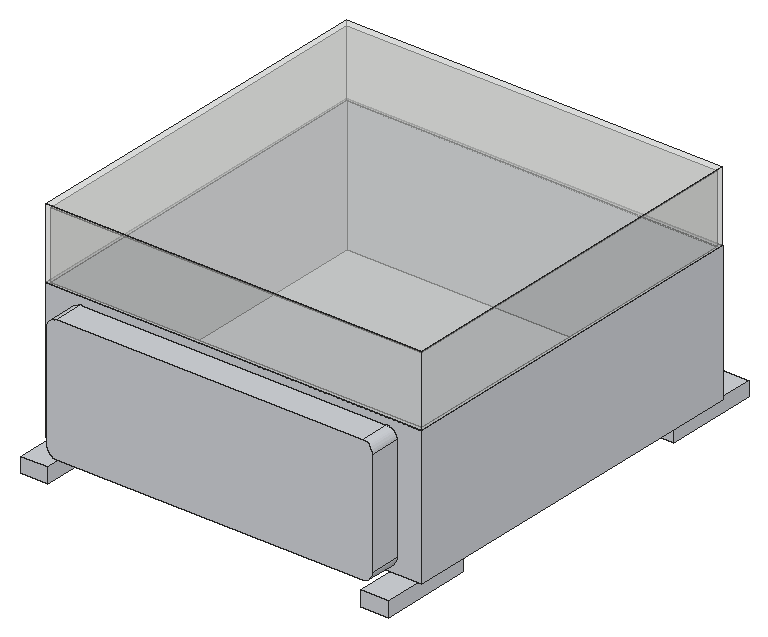
Revit family "PV Systemlösung Typ 2 für WR mit 2 MPP_3MPP-Tracker", category Generic Models, Revit 2015
Parameters (values of type "VG-CPV 1000K 333")
  Width = 300 mm
  URL = "http://www.obo-bettermann.com"
  Material 2 = PC 2
  Material = PC
  Manufacturer Art.No. = "5088585"
  Manufacturer = "OBO Bettermann"
  Length = 300 mm
  Height 1 = 110 mm
  Height = 166.5 mm
  GTIN = "4012196037490"
  Article Type = "VG-CPV 1000K 333"
Types (3, lengths in mm): name | Manufacturer Art.No. | GTIN | Article Type
  (no name) | "5088585" | "4012196037490" | "VG-CPV 1000K 333"
  VG-CPV 1000K 333 | "5088585" | "4012196037490" | "VG-CPV 1000K 333"
  VG-CPV 1000K 330 | "5088582" | "4012196037483" | "VG-CPV 1000K 330"
Reference planes
  plane 1 "Center (Front/Back)": y = 0
  plane 2: z = 0
  plane 3 "Center (Left/Right)": x = 0
  plane 4: z = 12
  plane 5: z = 122
  plane 6: z = 178.5
  plane 7: y = -174
  plane 8: z = 16.1
  plane 9: z = 175.8
Forms (mm)
  Extrusion 1, solid
    sketch origin (0, 0, 0) x (1, 0, 0) y (0, 1, 0)
      loop
        line (125, 179.5) -> (125, 105.5) -> (147, 105.5) -> (147, 179.5) -> (125, 179.5)
      loop
        line (-147, 179.5) -> (-147, 105.5) -> (-125, 105.5) -> (-125, 179.5) -> (-147, 179.5)
      loop
        line (-147, -105.5) -> (-147, -179.5) -> (-125, -179.5) -> (-125, -105.5) -> (-147, -105.5)
      loop
        line (125, -105.5) -> (125, -179.5) -> (147, -179.5) -> (147, -105.5) -> (125, -105.5)
    from 0 to 12
  Extrusion 2, solid
    sketch origin (0, 0, 0) x (1, 0, 0) y (0, 1, 0)
      loop
        line (-150, 150) -> (-150, -150) -> (150, -150) -> (150, 150) -> (-150, 150)
    from 12 to 122
  Extrusion 3, solid, material "PC 2" <- "Material 2"
    sketch origin (0, 0, 0) x (1, 0, 0) y (0, 1, 0)
      loop
        line (150, 150) -> (-150, 150) -> (-150, -150) -> (150, -150) -> (150, 150)
    from 122 to 178.5
  Extrusion 4, solid
    sketch origin (0, 0, 0) x (1, 0, 0) y (0, 0, 1)
      loop
        arc (-121.961, 116) -> (-127.645, 113.645) -> (-130, 107.961) r 8.039
        line (-130, 107.961) -> (-130, 23.991)
        arc (-130, 23.991) -> (-127.66, 18.34) -> (-122.009, 16) r 7.991
        line (-122.009, 16) -> (121.973, 16)
        arc (121.973, 16) -> (127.649, 18.351) -> (130, 24.027) r 8.027
        line (130, 24.027) -> (130, 108.024)
        arc (130, 108.024) -> (127.664, 113.664) -> (122.024, 116) r 7.976
        line (122.024, 116) -> (-121.961, 116)
    from 150 to 174
  Extrusion 5, void
    sketch origin (0, 0, 0) x (1, 0, 0) y (0, 1, 0)
      loop
        line (-148, 148) -> (-148, -148) -> (148, -148) -> (148, 148) -> (-148, 148)
    from 16 to 175.8
Cuts and joins
  Extrusion 5 cuts Extrusion 1
  Extrusion 5 cuts Extrusion 2
  Extrusion 5 cuts Extrusion 3
Dimensions and locks
  locked: Extrusion 1 sketch curve to Extrusion 1 sketch curve at 22  (x2)
  locked: Extrusion 1 sketch curve to Extrusion 1 sketch curve at 74  (x2)
  locked: Extrusion 1 sketch curve to Extrusion 1 sketch curve at 250
  locked: Extrusion 1 sketch curve to plane 3 "Center (Left/Right)" at 125
  locked: Extrusion 1 sketch curve to plane 1 "Center (Front/Back)" at 105.5  (x2)
  locked: plane 4 to level at 12
  "Width": Extrusion 2 sketch curve to Extrusion 2 sketch curve  (x2)
  equal spacing: Extrusion 2 sketch curve, plane 3 "Center (Left/Right)", Extrusion 2 sketch curve, locked at 150 each
  equal spacing: Extrusion 2 sketch curve, plane 1 "Center (Front/Back)", Extrusion 2 sketch curve
  "Height 1": plane 5 to plane 4
  "Height": plane 6 to plane 4
  locked: Extrusion 4 sketch curve to Extrusion 4 sketch curve at 260
  equal spacing: Extrusion 4 sketch curve, plane 3 "Center (Left/Right)", Extrusion 4 sketch curve, locked at 130 each
  locked: Extrusion 4 sketch curve to Extrusion 4 sketch curve at 100
  locked: Extrusion 4 sketch curve to Extrusion 2 at 4
  locked: Extrusion 3 to plane 7 at 324
  locked: plane 6 to plane 9 at 2.7
  locked: plane 8 to plane 4 at 4.1
  locked: Extrusion 5 sketch curve to Extrusion 3 at 2
  locked: Extrusion 3 to Extrusion 5 sketch curve at 2  (x3)
  aligned and locked: level to plane 2
  aligned and locked: Extrusion 1 sketch curve to Extrusion 1 sketch curve  (x8)
  aligned and locked: Extrusion 1 to level
  aligned and locked: plane 4 to Extrusion 1
  aligned and locked: Extrusion 2 to Extrusion 1
  aligned and locked: plane 5 to Extrusion 2
  aligned and locked: Extrusion 3 to Extrusion 2
  aligned and locked: plane 6 to Extrusion 3
  aligned and locked: Extrusion 4 to Extrusion 2
  aligned and locked: Extrusion 4 to plane 7
  aligned and locked: plane 9 to Extrusion 5
  aligned and locked: Extrusion 5 to Extrusion 4
Automatic sketch dimensions
  Extrusion 4 sketch curve to Extrusion 4 sketch curve = 7.991 mm
  Extrusion 4 sketch curve to Extrusion 4 sketch curve = 8.039 mm
  Extrusion 4 sketch curve to Extrusion 4 sketch curve = 8.027 mm
  Extrusion 4 sketch curve to Extrusion 4 sketch curve = 7.976 mm
  Extrusion 3 sketch curve to plane 3 "Center (Left/Right)" = 150 mm
  plane 7 to Extrusion 3 sketch curve = 24 mm
  plane 3 "Center (Left/Right)" to Extrusion 3 sketch curve = 150 mm
  Extrusion 3 sketch curve to plane 1 "Center (Front/Back)" = 150 mm
